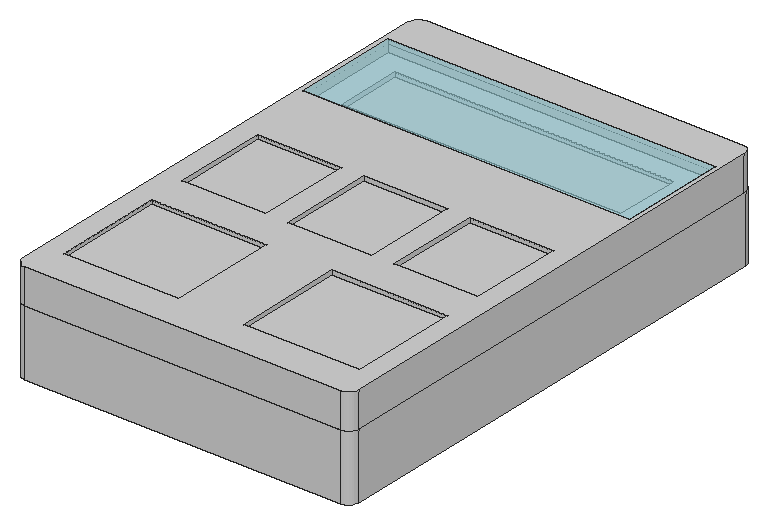
Revit family "Building-IEC309Boards-GEWISS-68QDIN-DISTRIBUTION-BOARD-10MOD_5SOCKET-OUTLETS", category Apparecchi elettrici, host Superficie, Revit 2019
Family settings
  Host = Superficie
  Mantenere orientamento annotazione = Sì
  Quota connettore circolare = Usa diametro
  Tipo di parte = Normale
  Taglio con vuoti quando caricato = No
  Condiviso = No
  Punto di calcolo locali = Sì
Parameters (values of type "GW68027N - Q-DIN 10M 3S.O.50X50 2S.O.16/32A IP65")
  visibilita posizionamento 2d [instance] = yes
  simbolo 2d [instance] = yes
  oggetto in pianta [instance] = not(visibilita posizionamento 2d)  # no
  distanza_simbolo [instance] = 0.1 mm
  bordo acceso [instance] = yes
  Visibilità sportello [instance] = yes
  Version type = "Empty"
  Version file RFA = "21.5"
  VETRO = Vetro
  URL = "https://www.gewiss.com/ww/en"
  Thermo-pressure with ball = "70 °C"
  Technical sheet = "https://www.gewiss.com/ww/en/search?q=GW68027N"
  Spostamento_effettivo_S [instance] = 4000 mm - Spostamento_S  # 3000 mm
  Spostamento_S = 1000 mm
  Simbolo_quadro [instance] = not(simbolo 2d)  # no
  Shock resistance = "IK08"
  STRUTTURA ALTA = Poche
  STRUTTURA = RAL - 7035
  SEO = "Board"
  Realized by GEWISS S.p.A. = ""
  Default Elevation = 1219.2 mm
  Produttore = "GEWISS S.p.A."
  PRESA = rosso
  POMELLO = bianco
  No. of provided blank lids = "1 domestic + 1 IEC 16 A"
  No. of modules EN 50022 = "10"
  Modello = "GW68027N"
  Insulation class = "II"
  Installation type = "Surface-mounting"
  Immagine tipo = GW68027N.jpg
  IP degree = "IP65"
  IDT = "e98e3194ef624e34ab5d6b273797aa67"
  IDF = "d8e117f9-8f25-4e2f-aa71-76ea3311fd0d"
  Houseable socket = "3 dom.socket 50x50 mm + 2 IEC 16/32 A"
  Glow Wire Test = "650°C"
  Electrocod = "2242"
  Dispersible power B (W) = "42"
  Dispersible power A (W) = "16"
  Descrizione = "Q-DIN 10M 3S.O.50X50 2S.O.16/32A IP65"
  Colour = "Grey RAL 7035"
  Catalogue = "BUILDING"
  COBie.Tagnumber = ""
  COBie.CreatedOn = ""
  COBie.CreatebBy = ""
  COBie.ComponentRegisterItemID = ""
  COBie.Component.TagNumber = ""
  COBie.Component.Space = ""
  COBie.Component.SerialNumber = ""
  COBie.Component.InstallationDate = ""
  COBie.Component.Description = ""
  COBie.Component.BarCode = ""
  Accordance with Standards = "EN 62208"
Reference planes
  plane 1 "Centro (Fronte/Retro)": y = 0
  plane 2: z = 0
  plane 3 "Centro (Sinistra/Destra)": x = 0
  plane 4: x = -3000
  plane 5: x = 0
Forms (mm)
  Extrusion 1, solid, detail levels coarse
    sketch origin (0, 0, 0) x (1, 0, 0) y (0, 1, 0)
      loop
        line (-160, 0) -> (160, 0) -> (160, 478) -> (-160, 478) -> (-160, 0)
    from 0 to 96
Lines and regions (mm)
  Masking region 1, visible <- "visibilita posizionamento 2d"
    outline origin (0, 0, 0) x (1, 0, 0) y (0, 0, 1)
      loop
        line (-160, 0) -> (160, 0) -> (160, 96) -> (-160, 96) -> (-160, 0)
Dimensions and locks
  plane 4 to plane 3 "Centro (Sinistra/Destra)" = 3000 mm
  "Spostamento_effettivo_S": plane 4 to plane 5
  aligned and locked: plane 2 to host face
  aligned and locked: level to host face
  aligned and locked: nested 1 to plane 5
  aligned and locked: nested 3 to plane 5
  aligned and locked: nested 2 to plane 5
  aligned and locked: Extrusion 1 to nested 2
Automatic sketch dimensions
  host sketch curve to host sketch curve = 2438.4 mm  (x2)
  Masking region 1 sketch curve to level = 0 mm
  Masking region 1 sketch curve to plane 3 "Centro (Sinistra/Destra)" = 160 mm
  plane 3 "Centro (Sinistra/Destra)" to Masking region 1 sketch curve = 160 mm
  Masking region 1 sketch curve to Masking region 1 sketch curve = 96 mm
  plane 1 "Centro (Fronte/Retro)" to Extrusion 1 sketch curve = 0 mm
  Extrusion 1 sketch curve to plane 3 "Centro (Sinistra/Destra)" = 160 mm
  Extrusion 1 sketch curve to Extrusion 1 sketch curve = 320 mm
  Extrusion 1 sketch curve to plane 1 "Centro (Fronte/Retro)" = 478 mm
Nested families
  nested 1: "CENTRALINO" at (0, 737.795, 0), BORDO ACCESO <- "bordo acceso", SIMBOLO ACCESO <- "simbolo 2d", Distanza dal muro <- "distanza_simbolo", visible <- "simbolo 2d", type "CENTRALINO"
    with SIMBOLO ACCESO yes, Distanza dal muro 0.1 mm, BORDO ACCESO yes
  nested 2: "base_68QDIN10 QUADRO DISTRIBUZ X 5 PRESE IND" at (0, 316, 0), Visibilita sportello <- "Visibilità sportello", type "base_68QDIN10 QUADRO DISTRIBUZ X 5 PRESE IND", detail levels medium+fine
  nested 3: "simb_CENTRALINO_BASE_cad pro" at (0, 737.795, 0), Distanza dal muro <- "distanza_simbolo", visible <- "Simbolo_quadro", SIMBOLO ACCESO <- "Simbolo_quadro", type "simb_CENTRALINO_BASE_cad pro"
    with SIMBOLO ACCESO no, Distanza dal muro 0.1 mm, BORDO ACCESO yes
Definition of nested family "base_68QDIN10 QUADRO DISTRIBUZ X 5 PRESE IND"
  Parameters (values of type "base_68QDIN10 QUADRO DISTRIBUZ X 5 PRESE IND")
    n_moduli = 266 mm
    h_moduli = 64 mm
    Visibilita sportello [instance] = yes
    Vetro = none
    Struttura = none
    Spessore = 96 mm
    Default Elevation = 14 mm
    Presa = none
    Larghezza = 320 mm
    IFC.TypeObject = ""
    IFC.ExportType = ""
    IFC.ExportAs = ""
    H_da terra = 589.057 mm
    COBie.CreatedOn = ""
    COBie.CreatebBy = ""
    COBie.ComponentRegisterItemID = ""
    COBie.Component.TagNumber = ""
    COBie.Component.Space = ""
    COBie.Component.SerialNumber = ""
    COBie.Component.InstallationDate = ""
    COBie.Component.Description = ""
    COBie.Component.BarCode = ""
    Altezza scatole = 350 mm
    Altezza quadro = 150 mm
    Altezza = 258 mm
  Reference planes
    plane 1 "Centro (Fronte/Retro)": y = 0
    plane 2: z = 0
    plane 3 "Centro (Sinistra/Destra)": x = 0
    plane 4: z = 69.589
    plane 5: z = 115.626
    plane 6: z = 63
    plane 7: x = -160
    plane 8: x = 160
    plane 9: x = -156
    plane 10: x = 156
    plane 11: y = 123.21
    plane 12: y = 21.246
    plane 13: y = 0
    plane 14: y = -141
    plane 15: y = -51
    plane 16: y = -316
    plane 17: y = 162
    plane 18: z = 58
    plane 19: y = 103
    plane 20: y = 39
    plane 21: x = -133
    plane 22: x = 133
    plane 23: z = 92.059
    plane 24: z = 96
    plane 25 "posizionamento moduli": z = 84.734
    plane 26: z = 80.558
    plane 27: y = 71
    plane 28: x = -141
    plane 29: x = 158.1
    plane 30: x = -61
    plane 31: x = -40
    plane 32: x = 40
    plane 33: x = 61
    plane 34: x = 141
    plane 35: y = -177
  Forms (mm)
    Extrusion 1, solid, material <- "Struttura"
      sketch origin (0, -857.311, 0) x (1, 0, 0) y (0, 1, 0)
        loop
          arc (-150, 1019.311) -> (-157.071, 1016.382) -> (-160, 1009.311) r 10
          line (-160, 1009.311) -> (-160, 551.311)
          arc (-160, 551.311) -> (-157.071, 544.24) -> (-150, 541.311) r 10
          line (-150, 541.311) -> (150, 541.311)
          arc (150, 541.311) -> (157.071, 544.24) -> (160, 551.311) r 10
          line (160, 551.311) -> (160, 1009.311)
          arc (160, 1009.311) -> (157.071, 1016.382) -> (150, 1019.311) r 10
          line (150, 1019.311) -> (-150, 1019.311)
      from 63 to 96
    Extrusion 2, solid, material <- "Struttura"
      sketch origin (0, -857.311, 0) x (1, 0, 0) y (0, 1, 0)
        loop
          line (152.45, 1019.311) -> (-156.38, 1019.311)
          arc (-156.38, 1019.311) -> (-158.94, 1018.251) -> (-160, 1015.691) r 3.62
          line (-160, 1015.691) -> (-160, 551.311)
          arc (-160, 551.311) -> (-157.071, 544.24) -> (-150, 541.311) r 10
          line (-150, 541.311) -> (150, 541.311)
          arc (150, 541.311) -> (157.071, 544.24) -> (160, 551.311) r 10
          line (160, 551.311) -> (160, 1011.76)
          arc (160, 1011.76) -> (157.789, 1017.099) -> (152.45, 1019.311) r 7.55
      from 0 to 63
    Extrusion 3, void
      sketch origin (0, -857.311, 0) x (1, 0, 0) y (0, 1, 0)
        loop
          line (-156, 980.52) -> (-156, 878.557) -> (156, 878.557) -> (156, 980.52) -> (-156, 980.52)
      from 69.589 to 96
    Extrusion 4, solid, material <- "Vetro", visible <- "Visibilita sportello", detail levels fine
      sketch origin (0, -857.311, 0) x (1, 0, 0) y (0, 1, 0)
        loop
          line (-156, 980.52) -> (-156, 878.557) -> (156, 878.557) -> (156, 980.52) -> (-156, 980.52)
      from 92.059 to 96
    Extrusion 5, void
      sketch origin (0, 0, 0) x (1, 0, 0) y (0, 1, 0)
        loop
          line (-133, 39) -> (133, 39) -> (133, 103) -> (-133, 103) -> (-133, 39)
      from 80.558 to 84.734
    Extrusion 6, solid
      sketch origin (0, 0, 0) x (1, 0, 0) y (0, 1, 0)
        loop
          line (-156, 123.21) -> (-156, 21.246) -> (156, 21.246) -> (156, 123.21) -> (-156, 123.21)
      from 80.558 to 84.734
    Extrusion 7, void
      sketch origin (0, 0, 84.734) x (0, -1, 0) y (1, 0, 0)
        loop
          line (51, -141) -> (141, -141) -> (141, -61) -> (51, -61) -> (51, -141)
        loop
          line (141, -40) -> (141, 40) -> (51, 40) -> (51, -40) -> (141, -40)
        loop
          line (51, 61) -> (141, 61) -> (141, 141) -> (51, 141) -> (51, 61)
      from 7.325 to 11.266
    Extrusion 8, void
      sketch origin (0, -126, 84.734) x (0, -1, 0) y (1, 0, 0)
        loop
          line (51, -141) -> (156, -141) -> (156, -31) -> (51, -31) -> (51, -141)
        loop
          line (51, 141) -> (51, 31) -> (156, 31) -> (156, 141) -> (51, 141)
      from 7.325 to 11.266
  Cuts and joins
    Extrusion 3, Extrusion 7, Extrusion 8 cuts Extrusion 1
    Extrusion 5 cuts Extrusion 6
    Extrusion 5 cuts Extrusion 4
  Lines and regions (mm)
    model lines
      curve 1: line (-133, 71, 84.734) -> (133, 71, 84.734)
  Dimensions and locks
    plane 4 to plane 5 = 46.036 mm
    locked: plane 7 to plane 9 at 4
    locked: plane 10 to plane 8 at 4
    equal spacing: plane 7, plane 3 "Centro (Sinistra/Destra)", plane 8
    "Larghezza": plane 7 to plane 8
    plane 13 to plane 15 = 51 mm
    plane 1 "Centro (Fronte/Retro)" to plane 17 = 162 mm
    plane 16 to plane 13 = 316 mm
    plane 12 to plane 1 "Centro (Fronte/Retro)" = 21.246 mm
    plane 11 to plane 17 = 38.79 mm
    locked: plane 6 to plane 18 at 5
    locked: plane 17 to plane 19 at 59
    "h_moduli": plane 19 to plane 20
    equal spacing: plane 21, plane 3 "Centro (Sinistra/Destra)", plane 22
    "n_moduli": plane 21 to plane 22
    locked: plane 24 to plane 23 at 3.941
    plane 6 to plane 2 = 63 mm
    locked: plane 23 to plane 25 "posizionamento moduli" at 7.325
    locked: plane 25 "posizionamento moduli" to plane 26 at 4.176
    equal spacing: plane 19, plane 27, plane 20
    locked: plane 29 to plane 8 at 1.9
    plane 28 to plane 30 = 80 mm  (x2)
    plane 30 to plane 31 = 21 mm
    plane 33 to plane 34 = 80 mm
    equal spacing: plane 31, plane 3 "Centro (Sinistra/Destra)", plane 32
    plane 31 to plane 3 "Centro (Sinistra/Destra)" = 40 mm
    plane 32 to plane 33 = 21 mm
    plane 15 to plane 14 = 90 mm
    plane 35 to plane 14 = 36 mm
    radius of Extrusion 2 sketch curve = 10 mm  (x2)
    radius of Extrusion 2 sketch curve = 3.62 mm
    radius of Extrusion 2 sketch curve = 7.55 mm
    radius of Extrusion 1 sketch curve = 10 mm  (x4)
    aligned and locked: level to plane 2
    aligned and locked: cut or joined group of Extrusion 1, Extrusion 3, Extrusion 7, Extrusion 8 to plane 4
    aligned and locked: plane 7 to Extrusion 2 sketch curve
    aligned and locked: plane 8 to Extrusion 2 sketch curve
    aligned and locked: plane 8 to Extrusion 1 sketch curve
    aligned and locked: plane 7 to Extrusion 1 sketch curve
    aligned and locked: Extrusion 4 sketch curve to plane 9
    aligned and locked: Extrusion 4 sketch curve to plane 10
    aligned and locked: Extrusion 3 sketch curve to plane 9
    aligned and locked: Extrusion 3 sketch curve to plane 10
    aligned and locked: Extrusion 4 sketch curve to plane 11
    aligned and locked: Extrusion 4 sketch curve to plane 12
    aligned and locked: Extrusion 3 sketch curve to plane 11
    aligned and locked: Extrusion 3 sketch curve to plane 12
    aligned and locked: plane 16 to Extrusion 2 sketch curve
    aligned and locked: plane 1 "Centro (Fronte/Retro)" to plane 13
    aligned and locked: plane 17 to Extrusion 1 sketch curve
    aligned and locked: Extrusion 5 sketch curve to plane 21
    aligned and locked: Extrusion 5 sketch curve to plane 19
    aligned and locked: Extrusion 5 sketch curve to plane 20
    aligned and locked: Extrusion 5 sketch curve to plane 22
    aligned and locked: plane 25 "posizionamento moduli" to Extrusion 5
    aligned and locked: Extrusion 5 to plane 26
    aligned and locked: Extrusion 6 sketch curve to plane 11
    aligned and locked: Extrusion 6 sketch curve to plane 12
    aligned and locked: Extrusion 6 to plane 26
    aligned and locked: plane 25 "posizionamento moduli" to Extrusion 6
    aligned and locked: Extrusion 6 sketch curve to Extrusion 4  (x2)
    aligned and locked: curve 1 to plane 27
    aligned and locked: plane 16 to Extrusion 1 sketch curve
    aligned and locked: Extrusion 2 sketch curve to plane 17
    aligned and locked: Extrusion 7 sketch curve to plane 15
    aligned and locked: Extrusion 7 sketch curve to plane 28
    aligned and locked: Extrusion 7 sketch curve to plane 30
    aligned and locked: Extrusion 7 sketch curve to plane 31
    aligned and locked: Extrusion 7 sketch curve to plane 32
    aligned and locked: Extrusion 7 sketch curve to plane 33
    aligned and locked: Extrusion 7 sketch curve to plane 34
    aligned and locked: Extrusion 1 to Extrusion 7
    aligned and locked: Extrusion 7 to plane 23
    aligned and locked: Extrusion 7 sketch curve to plane 14  (x3)
  Automatic sketch dimensions
    curve 1 to plane 21 = 0 mm
    curve 1 to plane 22 = 0 mm
    plane 15 to Extrusion 7 sketch curve = 0 mm
    Extrusion 7 sketch curve to plane 15 = 0 mm
    Extrusion 8 sketch curve to plane 28 = 0 mm
    plane 35 to Extrusion 8 sketch curve = 0 mm  (x2)
    Extrusion 8 sketch curve to plane 34 = 0 mm
    Extrusion 8 sketch curve to plane 16 = 34 mm  (x2)
    Extrusion 8 sketch curve to plane 31 = 9 mm
    Extrusion 8 sketch curve to plane 32 = 9 mm
Definition of nested family "CENTRALINO"
  Parameters (values of type "CENTRALINO")
    SIMBOLO ACCESO [instance] = yes
    Distanza dal muro [instance] = 0 mm
    BORDO ACCESO [instance] = yes
  Reference planes
    plane 1: y = 0
    plane 2: x = 0
  Dimensions and locks
    "Distanza dal muro": plane 1 to nested 1
    aligned and locked: plane 2 to nested 1
  Nested families
    nested 1: "CENTRALINO_BASE" at (0, 0, 0), BORDO ACCESO <- "BORDO ACCESO", visible <- "SIMBOLO ACCESO", type "CENTRALINO"
      with BORDO ACCESO yes
  Definition of nested family "CENTRALINO_BASE"
    Parameters (values of type "CENTRALINO")
      Distanza dal muro = 0 mm
      BORDO ACCESO [instance] = yes
    Reference planes
      plane 1: y = 0
      plane 2: x = 0
    Lines and regions (mm)
      detail lines, visible <- "BORDO ACCESO", not visible
        curve 1: line (-2.443, 10.208, 0) -> (2.057, 10.208, 0)
        curve 2: line (2.057, 10.208, 0) -> (2.057, 4.208, 0)
        curve 3: line (2.057, 4.208, 0) -> (-2.443, 4.208, 0)
        curve 4: line (-2.443, 4.208, 0) -> (-2.443, 10.208, 0)
        curve 5: line (-2.043, 9.808, 0) -> (1.657, 9.808, 0)
        curve 6: line (1.657, 9.808, 0) -> (1.657, 4.608, 0)
        curve 7: line (1.657, 4.608, 0) -> (-2.043, 4.608, 0)
        curve 8: line (-2.043, 4.608, 0) -> (-2.043, 9.808, 0)
      detail lines
        curve 9: line (0, 0.671, 0) -> (0, 0, 0)
        curve 10: line (0.659, 0.671, 0) -> (0.659, 1.33, 0)
        curve 11: line (0.659, 1.33, 0) -> (-0.659, 1.33, 0)
        curve 12: line (-0.659, 1.33, 0) -> (-0.659, 0.671, 0)
        curve 13: line (-0.659, 0.671, 0) -> (0.659, 0.671, 0)
        curve 14: line (0.497, 1.33, 0) -> (0.497, 2, 0)
        curve 15: line (0.167, 1.33, 0) -> (0.167, 2, 0)
        curve 16: line (-0.162, 1.33, 0) -> (-0.162, 2, 0)
        curve 17: line (-0.491, 1.33, 0) -> (-0.491, 2, 0)
Definition of nested family "simb_CENTRALINO_BASE_cad pro"
  Parameters (values of type "simb_CENTRALINO_BASE_cad pro")
    SIMBOLO ACCESO [instance] = yes
    Distanza dal muro [instance] = 0 mm
    BORDO ACCESO [instance] = yes
  Reference planes
    plane 1: y = 0
    plane 2: x = 0
  Dimensions and locks
    "Distanza dal muro": plane 1 to nested 1
    aligned and locked: plane 2 to nested 1
  Nested families
    nested 1: "CENTRALINO_BASE_cad pro" at (0, 0, 0), type "CENTRALINO"
  Definition of nested family "CENTRALINO_BASE_cad pro"
    Parameters (values of type "CENTRALINO")
      Distanza dal muro = 0 mm
    Reference planes
      plane 1: y = 0
      plane 2: x = 0
    Lines and regions (mm)
      detail lines
        curve 1: line (1.33, 1.33, 0) -> (2.109, 1.33, 0)
        curve 2: line (2.109, 1.33, 0) -> (2.109, 0, 0)
        curve 3: line (2.109, 0, 0) -> (1.33, 0, 0)
        curve 4: line (1.33, 0, 0) -> (-1.33, 1.33, 0)
        curve 5: line (-1.33, 1.33, 0) -> (1.33, 1.33, 0)
        curve 6: line (1.33, 1.33, 0) -> (1.33, 0, 0)
        curve 7: line (1.33, 0, 0) -> (-1.33, 0, 0)
        curve 8: line (-1.33, 0, 0) -> (-1.33, 1.33, 0)
        curve 9: line (1.461, 0.665, 0) -> (1.977, 0.665, 0)
        curve 10: line (1.719, 0.665, 0) -> (1.719, 1.01, 0)
        curve 11: arc (1.977, 0.406, 0) -> (1.719, 0.665, 0) -> (1.461, 0.406, 0) r 0.258
